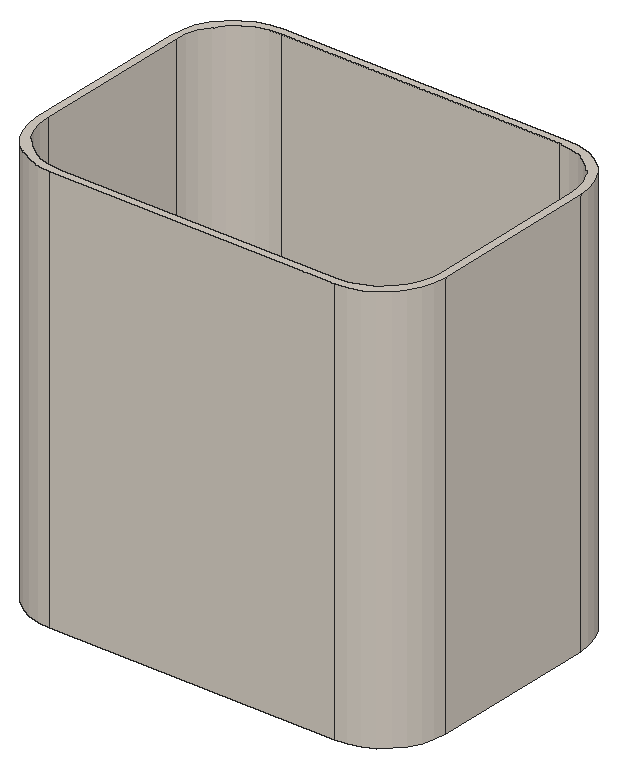
Revit family
Parameters (values of type "Wastebasket (2)")
  Material Bin = Metal - Chrome
  Keynote = "N"
  Assembly Code = ""
Reference planes
  plane 1 "Center F/B": y = 43.962
  plane 2: z = 0
  plane 3 "Center L/R": x = 54.495
  plane 4: y = 170.962
  plane 5: y = -83.038
  plane 6: x = 232.295
  plane 7: x = -123.305
  plane 8: x = 225.945
  plane 9: y = -76.688
Forms (mm)
  Extrusion 1, solid, material "Metal - Chrome" <- "Material Bin"
    sketch origin (0, 0, 0) x (1, 0, 0) y (0, 1, 0)
      loop
        arc (-69.33, 170.962) -> (-107.496, 155.153) -> (-123.305, 116.987) r 53.975
        line (-123.305, 116.987) -> (-123.305, -29.063)
        arc (-123.305, -29.063) -> (-107.496, -67.23) -> (-69.33, -83.038) r 53.975
        line (-69.33, -83.038) -> (178.32, -83.038)
        arc (178.32, -83.038) -> (216.486, -67.23) -> (232.295, -29.063) r 53.975
        line (232.295, -29.063) -> (232.295, 116.987)
        arc (232.295, 116.987) -> (216.486, 155.153) -> (178.32, 170.962) r 53.975
        line (178.32, 170.962) -> (-69.33, 170.962)
    from 0 to 355.6
  Extrusion 2, void
    sketch origin (0, 0, 0) x (1, 0, 0) y (0, 1, 0)
      loop
        arc (-66.155, 164.612) -> (-102.076, 149.733) -> (-116.955, 113.812) r 50.8
        line (-116.955, 113.812) -> (-116.955, -25.888)
        arc (-116.955, -25.888) -> (-102.076, -61.809) -> (-66.155, -76.688) r 50.8
        line (-66.155, -76.688) -> (175.145, -76.688)
        arc (175.145, -76.688) -> (211.066, -61.809) -> (225.945, -25.888) r 50.8
        line (225.945, -25.888) -> (225.945, 113.812)
        arc (225.945, 113.812) -> (211.066, 149.733) -> (175.145, 164.612) r 50.8
        line (175.145, 164.612) -> (-66.155, 164.612)
    from 12.7 to 355.6
Cuts and joins
  Extrusion 2 cuts Extrusion 1
Lines and regions (mm)
  Masking region 1
    outline origin (0, 0, 0) x (1, 0, 0) y (0, 1, 0)
      loop
        arc (-69.33, 170.962) -> (-107.496, 155.153) -> (-123.305, 116.987) r 53.975
        line (-123.305, 116.987) -> (-123.305, -29.063)
        arc (-123.305, -29.063) -> (-107.496, -67.23) -> (-69.33, -83.038) r 53.975
        line (-69.33, -83.038) -> (178.32, -83.038)
        arc (178.32, -83.038) -> (216.486, -67.23) -> (232.295, -29.063) r 53.975
        line (232.295, -29.063) -> (232.295, 116.987)
        arc (232.295, 116.987) -> (216.486, 155.153) -> (178.32, 170.962) r 53.975
        line (178.32, 170.962) -> (-69.33, 170.962)
Dimensions and locks
  aligned: Masking region 1 sketch curve to cut or joined group of Extrusion 1, Extrusion 2  (x8)
